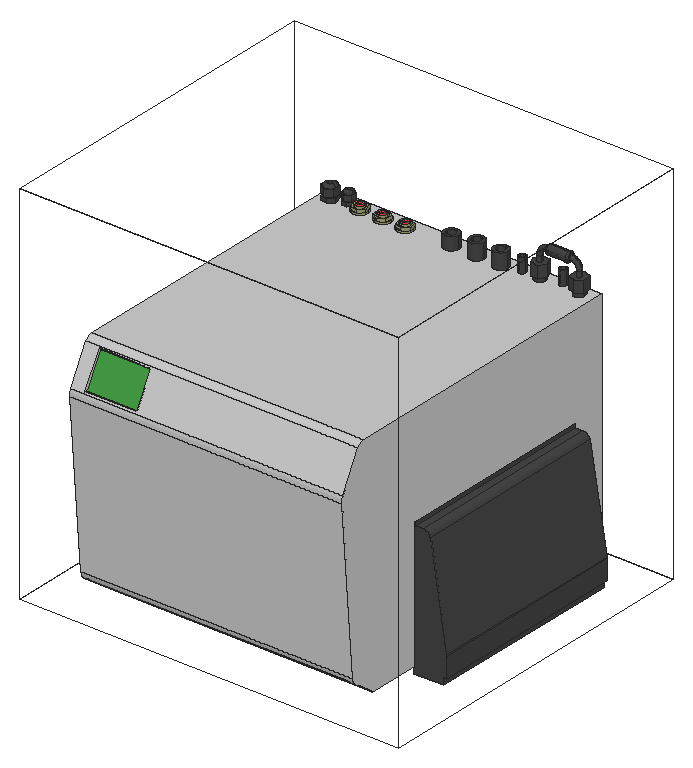
Revit family "BCS Base unit - 5253UK.RFA", category Mechanical Equipment, Revit 2015
Parameters (values of type "Boiling, chilled, sparkling and filtered - 5253UK Base unit")
  Wireless (WIFI) = "Yes"
  Weekly Maintenance (or SFG20 Codes) = ""
  Warranty ID = ""
  Classic HydroTap Clearance ( if fitted to font + ext ) = "222mm"
  Responsible Sourcing of Materials = ""
  Responsible Extraction of Materials = ""
  Quarterly Maintenance (or SFG20 Codes) = ""
  Overall Length = "470mm"
  WRAS Approved = "Yes"
  Power Supply (Voltage) = "230V (50~60Hz)"
  URL = "www.zipindustries.co.uk"
  Type Comments = "Water Boiler and Chiller (Potable)"
  Supply Phase = "1 Phase"
  Shape = "Rectangular"
  O&M Manual (Manufacturer O&M Data) = ""
  Monthly Maintenance (or SFG20 Codes) = ""
  Maximum Stored Water Temperature = "98°C"
  Material Ingredient Reporting = ""
  Maintenance Required 8001-12000hrs (Maintenance required in this time frame) = ""
  Maintenance Required 601-1000hrs (Maintenance tasks required in this time frame) = ""
  Maintenance Required 40001-8000hrs (Maintenance tasks required in this time frame) = ""
  Maintenance Required 301-600hrs (Maintenance Tasks required in this time frame) = ""
  Maintenance Required 2001-4000hrs (Maintenance tasks required in this time frame) = ""
  Maintenance Required 1001-2000hrs (Maintenance tasks required in this time frame) = ""
  Maintenance Required 0-300hrs (Maintenance Tasks required in this time frame) = ""
  Location of Manufacturer = "Australia"
  Life Cycle Analysis = ""
  Heat Up Time = ""
  Programmable Safety Features = "Yes"
  Programmable Function Parameters = "Yes"
  Product Range = "Floor Mounted"
  Overall Width = "336mm"
  Overall Height = "335mm"
  Type = "Vented / Non-vented (depending on pipe work arrangement)"
  Net Weight = "39.0 kg"
  Internal Filter (if fitted) = "Yes"
  Gross Weight (When Full) = ""
  Green Guide for Specification = ""
  Model = "5253UK"
  Standby Power Loss (idle mode) = ""
  Nominal Flow Rate (Boiling) = ""
  Volume Dispensed per hour = ""
  Expected Life = ""
  Environmental Product Declaration = ""
  Energy Technology List = ""
  Embodied Carbon = ""
  Daily Maintenance (or SFG20 Codes) = ""
  Cable Length and size (If Fitted) = "3.0m"
  Single Instance Draw off Volume = ""
  Recovery Volume per Minute = ""
  Mains Water Connection = "1/2\" BSP"
  Manufacturer = "Zip Industries(UK) Ltd"
  Keynote = ""
  Mains Water Pressure _ Minimum = "0.17 MPa (1.7 bar)"
  Mains Water Pressure _ Maximum = "0.7 MPa (7 bar)"
  Mains Pressure Limiting Valve = "not included"
  Enclosure Rating = "N/A"
  Button Interface = "no"
  Bespoke Timeframe Maintenance (or SFG20 Codes) = ""
  Base Unit Finish = "white Enamel"
  Backflow Prevention Valve = "Not Included"
  Tank Construction Material = "Stainless steel"
  Insulation Material = "High Density PE"
  Power Rating = "2.3A"
  Capacity = "26.7 Litres"
  Features = ""
  Description = ""
  Control Thermostat Range = ""
  BMS Links = "No"
  Assembly Code = ""
  Unit Access Clearance right = "50mm"
  Unit Access Clearance Top = "200mm"
  Unit Access Clearance Rear = "N/A"
  Unit Access Clearance Left = "50mm"
  Unit Access Clearance Front = "N/A"
  Unit Access Clearance Bottom = "N/A"
  Annually Maintenance (or SFG20 Codes) = ""
  6 Monthly Maintenance (or SFG20 Codes) = ""
Reference planes
  plane 1 "Center (Front/Back)": y = 0
  plane 2: z = 0
  plane 3 "Center (Left/Right)": x = 0
  plane 4 "sa": y = 104.477
Forms (mm)
  Extrusion 1, solid, material "Base Unit"
    sketch origin (0, 0, 158.75) x (0, 1, 0) y (0, 0, 1)
      loop
        arc (-226.56, 176.233) -> (-232.568, 174.621) -> (-236.961, 170.217) r 12
        line (-236.961, 170.217) -> (-265.416, 120.76)
        arc (-265.416, 120.76) -> (-266.555, 115.812) -> (-266.647, 110.735) r 24.454
        line (-266.647, 110.735) -> (-246.263, -126.173)
        arc (-246.263, -126.173) -> (-243.661, -133.25) -> (-238.074, -138.315) r 15.795
        line (-238.074, -138.315) -> (-210.458, -158.767) -> (205.1, -158.767) -> (205.1, 176.233) -> (-226.56, 176.233)
    from -197.5 to 197.5
  Extrusion 2, solid, material "Function"
    sketch origin (-197.5, 0, 158.75) x (0, 0, 1) y (0, 1, 0)
      loop
        arc (158.25, -36.359) -> (153.857, -25.752) -> (143.25, -21.358) r 15
        line (143.25, -21.358) -> (-84.75, -21.358)
        arc (-84.75, -21.358) -> (-95.356, -25.752) -> (-99.75, -36.358) r 15
        line (-99.75, -36.358) -> (-99.75, -181.358)
        arc (-99.75, -181.358) -> (-95.356, -191.965) -> (-84.75, -196.358) r 15
        line (-84.75, -196.358) -> (143.248, -196.358)
        arc (143.248, -196.358) -> (153.855, -191.965) -> (158.248, -181.359) r 15
        line (158.248, -181.359) -> (158.25, -36.359)
      loop
        line (-26.25, -31.358) -> (-26.25, -100.858) -> (26.25, -100.858) -> (26.25, -31.358) -> (-26.25, -31.358)
      loop
        line (32.25, -31.358) -> (32.25, -100.858) -> (84.75, -100.858) -> (84.75, -31.358) -> (32.25, -31.358)
      loop
        arc (148.25, -36.358) -> (146.786, -32.823) -> (143.25, -31.358) r 5
        line (143.25, -31.358) -> (90.75, -31.358) -> (90.75, -100.858) -> (148.249, -100.858) -> (148.25, -36.358)
      loop
        line (-32.25, -31.358) -> (-84.75, -31.358)
        arc (-84.75, -31.358) -> (-88.285, -32.823) -> (-89.75, -36.358) r 5
        line (-89.75, -36.358) -> (-89.75, -100.858) -> (-32.25, -100.858) -> (-32.25, -31.358)
      loop
        line (148.249, -106.858) -> (90.75, -106.858) -> (90.75, -186.358) -> (143.248, -186.358)
        arc (143.248, -186.358) -> (146.784, -184.894) -> (148.248, -181.358) r 5
        line (148.248, -181.358) -> (148.249, -106.858)
      loop
        line (84.75, -106.858) -> (32.25, -106.858) -> (32.249, -186.358) -> (84.75, -186.358) -> (84.75, -106.858)
      loop
        line (26.25, -106.858) -> (-26.25, -106.858) -> (-26.25, -186.358) -> (26.249, -186.358) -> (26.25, -106.858)
      loop
        line (-32.25, -106.858) -> (-89.75, -106.858) -> (-89.75, -181.358)
        arc (-89.75, -181.358) -> (-88.285, -184.894) -> (-84.75, -186.358) r 5
        line (-84.75, -186.358) -> (-32.25, -186.358) -> (-32.25, -106.858)
    from 0 to 2
  Extrusion 3, solid, material "Function"
    sketch origin (0, 0, 158.75) x (1, 0, 0) y (0, 0, 1)
      loop
        line (197.5, 29.316) -> (197.5, -168.699) -> (240.5, -168.699) -> (240.5, -158.783) -> (245.487, -158.783) -> (245.487, -129.512)
        arc (245.487, -129.512) -> (245.47, -128.71) -> (245.375, -127.913) r 8.171
        line (245.375, -127.913) -> (220.954, 16.018)
        arc (220.954, 16.018) -> (217.529, 21.949) -> (211.094, 24.291) r 10.012
        line (211.094, 24.291) -> (199.481, 24.291) -> (199.481, 29.316) -> (197.5, 29.316)
    from -155.023 to 134.977
  Extrusion 4, solid, material "Function"
    sketch origin (0, 0, 158.75) x (1, 0, 0) y (0, 1, 0)
      loop
        circle (67.652, 185.056) r 6.5
      loop
        circle (67.652, 185.056) r 10.5
      loop
        circle (32.554, 185.056) r 6.5
      loop
        circle (32.627, 184.908) r 10.5
    from 176.269 to 198.117
  Extrusion 5, solid, material "Function"
    sketch origin (0, 0, 158.75) x (1, 0, 0) y (0, 1, 0)
      loop
        circle (94.509, 190.133) r 3.75
      loop
        circle (94.509, 190.133) r 5
      loop
        circle (149.107, 196.166) r 3.75
      loop
        circle (149.107, 196.166) r 5
    from 176.269 to 196.319
  Extrusion 6, solid, material "Function"
    sketch origin (0, 0, 158.75) x (1, 0, 0) y (0, 1, 0)
      loop
        circle (120.41, 189.986) r 8
      loop
        circle (177.583, 190.059) r 8
    from 176.269 to 182.255
  Extrusion 7, solid, material "Function"
    sketch origin (0, 0, 335.021) x (1, 0, 0) y (0, 1, 0)
      loop
        circle (-4.458, 185.129) r 6.5
      loop
        circle (-4.458, 185.129) r 10.5
    from 0 to 17.714
  Sweep 8, solid, material "Function"
    path origin (0, 190.059, 158.75) x (-1, 0, 0) y (0, 0, 1)
      loop
        line (-177.492, 199.269) -> (-177.492, 208.019)
        arc (-177.492, 208.019) -> (-174.236, 215.878) -> (-166.377, 219.133) r 11.115
        line (-166.377, 219.133) -> (-131.377, 219.133)
        arc (-131.377, 219.133) -> (-123.35, 215.808) -> (-120.024, 207.781) r 11.352
        line (-120.024, 207.781) -> (-120.024, 199.269)
    profile origin (177.492, 190.059, 362.394) x (1, 0, 0) y (0, 1, 0)
      loop
        circle (0, 0) r 3.311
  Revolve 9, solid, material "Function"
    sketch origin (0, 190.059, 158.75) x (-1, 0, 0) y (0, 0, 1)
      loop
        line (-164.5, 219.184) -> (-133.496, 219.184) -> (-133.496, 224.064)
        arc (-133.496, 224.064) -> (-134.054, 225.411) -> (-135.401, 225.969) r 1.905
        line (-135.401, 225.969) -> (-162.727, 225.969)
        arc (-162.727, 225.969) -> (-163.981, 225.449) -> (-164.5, 224.196) r 1.773
        line (-164.5, 224.196) -> (-164.5, 219.184)
      axis (-164.5, 219.184) -> (-133.496, 219.184)
    angle from 0 to 360
  Extrusion 10, solid, material "Function"
    sketch origin (0, 0, 335.021) x (1, 0, 0) y (0, 1, 0)
      loop
        line (109.017, 190.388) -> (114.421, 180.248) -> (125.904, 179.859) -> (131.983, 189.608) -> (126.579, 199.747) -> (115.096, 200.137) -> (109.017, 190.388)
      loop
        line (168.347, 183.053) -> (178.938, 178.599) -> (188.091, 185.544) -> (186.653, 196.943) -> (176.062, 201.397) -> (166.909, 194.452) -> (168.347, 183.053)
    from 6.001 to 22.998
  Extrusion 11, solid, material "Push fit 1"
    sketch origin (-0.044, 0, 335.021) x (1, 0, 0) y (0, 1, 0)
      loop
        circle (-137.543, 185.585) r 11.3
      loop
        circle (-104.063, 185.217) r 11.3
      loop
        circle (-71.54, 184.923) r 11.3
    from -0.038 to 1.997
  Extrusion 12, solid, material "Push fit 1"
    sketch origin (0, 0, 335.021) x (1, 0, 0) y (0, 1, 0)
      loop
        line (-148.224, 187.575) -> (-144.863, 177.133) -> (-134.139, 174.822) -> (-126.776, 182.954) -> (-130.137, 193.396) -> (-140.861, 195.707) -> (-148.224, 187.575)
      loop
        line (-114, 179.515) -> (-104.5, 174.03) -> (-95, 179.515) -> (-95, 190.484) -> (-104.5, 195.969) -> (-114, 190.484) -> (-114, 179.515)
      loop
        line (-81.895, 188.479) -> (-79.732, 177.724) -> (-69.338, 174.22) -> (-61.105, 181.469) -> (-63.268, 192.224) -> (-73.662, 195.729) -> (-81.895, 188.479)
    from 1.997 to 5.997
  Extrusion 13, solid, material "Push fit 1"
    sketch origin (0, 0, 335.021) x (1, 0, 0) y (0, 1, 0)
      loop
        circle (-137.469, 185.438) r 7
      loop
        circle (-104.726, 185.144) r 7
      loop
        circle (-71.54, 185.144) r 7
    from 5.997 to 8.057
  Extrusion 14, solid, material "Push Fit 2"
    sketch origin (0, 0, 335.021) x (1, 0, 0) y (0, 1, 0)
      loop
        circle (-137.469, 185.365) r 5
      loop
        circle (-104.579, 185.144) r 5
      loop
        circle (-71.688, 185.144) r 5
    from 8.057 to 9.779
  Extrusion 15, solid, material "Function"
    sketch origin (0, 0, 335.021) x (1, 0, 0) y (0, 1, 0)
      loop
        circle (-180.555, 185.107) r 8
      loop
        circle (-157.526, 190.187) r 5.612
    from 4.998 to 7
  Extrusion 16, solid, material "Function"
    sketch origin (0, 0, 335.021) x (1, 0, 0) y (0, 1, 0)
      loop
        line (-191.074, 187.695) -> (-188.121, 177.19) -> (-177.547, 174.495) -> (-169.926, 182.304) -> (-172.879, 192.809) -> (-183.453, 195.504) -> (-191.074, 187.695)
    from -0.038 to 4.997
  Extrusion 17, solid, material "Function"
    sketch origin (0, 0, 335.021) x (1, 0, 0) y (0, 1, 0)
      loop
        line (-161.304, 197.795) -> (-166.13, 190.673) -> (-162.376, 182.933) -> (-153.796, 182.315) -> (-148.97, 189.436) -> (-152.724, 197.176) -> (-161.304, 197.795)
    from -0.038 to 5
  Extrusion 18, solid, material "Function"
    sketch origin (0, 0, 335.021) x (1, 0, 0) y (0, 1, 0)
      loop
        line (-180.5, 195.91) -> (-189.95, 190.454) -> (-189.95, 179.542) -> (-180.5, 174.086) -> (-171.05, 179.542) -> (-171.05, 190.454) -> (-180.5, 195.91)
    from 7.001 to 17.999
  Revolve 19, solid, material "Function"
    sketch origin (33.268, 130.506, 158.75) x (-0.969011, 0.247019, 0) y (0, 0, 1)
      loop
        line (224.719, 197.34) -> (224.719, 194.271) -> (229.034, 194.271)
        arc (229.034, 194.271) -> (227.328, 196.44) -> (224.719, 197.34) r 4.888
      axis (220.622, 194.271) -> (220.622, 197.34)
    angle from 0 to 360
  Extrusion 20, solid, material "Function"
    sketch origin (0, 0, 335.021) x (1, 0, 0) y (0, 1, 0)
      loop
        line (-165, 194.355) -> (-165, 185.753) -> (-157.55, 181.451) -> (-150.1, 185.753) -> (-150.1, 194.355) -> (-157.55, 198.656) -> (-165, 194.355)
    from 7 to 14.499
  Revolve 21, solid, material "Function"
    sketch origin (12.819, 177.77, 158.75) x (-0.99741, 0.071921, 0) y (0, 0, 1)
      loop
        line (173.758, 195.232) -> (173.758, 190.771) -> (176.647, 190.771)
        arc (176.647, 190.771) -> (175.868, 193.432) -> (173.758, 195.232) r 4.852
      axis (170.811, 190.771) -> (170.811, 195.232)
    angle from 0 to 360
  Extrusion 22, void
    sketch origin (-115.408, 0, 158.75) x (0, 0, 1) y (0, -1, 0)
      loop
        line (169.428, 238.955) -> (123.158, 265.576) -> (123.158, 258.83) -> (165.146, 234.673) -> (169.428, 238.955)
    from -62.14 to 12.908
  Revolve 23, void
    sketch origin (0, 185.365, 158.75) x (-1, 0, 0) y (0, 0, 1)
      loop
        line (71.54, 182.269) -> (74.573, 182.269) -> (74.573, 186.05) -> (71.54, 186.05) -> (71.54, 182.269)
      axis (71.54, 182.269) -> (71.54, 186.05)
    angle from 0 to 360
  Revolve 24, void
    sketch origin (0, 185.365, 158.75) x (-1, 0, 0) y (0, 0, 1)
      loop
        line (104.5, 182.269) -> (107.5, 182.269) -> (107.5, 186.05) -> (104.5, 186.05) -> (104.5, 182.269)
      axis (104.5, 182.269) -> (104.5, 186.05)
    angle from 0 to 360
  Revolve 25, void
    sketch origin (0, 185.365, 158.75) x (-1, 0, 0) y (0, 0, 1)
      loop
        line (137.469, 182.269) -> (140.418, 182.269) -> (140.418, 186.332) -> (137.469, 186.332) -> (137.469, 182.269)
      axis (137.469, 182.269) -> (137.469, 186.332)
    angle from 0 to 360
  Extrusion 26, solid, material "Clearance Envelope"
    sketch origin (0, 0, 0) x (0, 1, 0) y (0, 0, 1)
      loop
        line (-294.9, -0.017) -> (205.1, -0.017) -> (205.1, 535) -> (-294.9, 535) -> (-294.9, -0.017)
    from -247.5 to 302.5
  Extrusion 27, solid, material "Screen"
    sketch origin (65.65, 0, 0) x (0, 0, -1) y (0, -1, 0)
      loop
        line (-325.548, 236.325) -> (-323.896, 234.673) -> (-281.908, 258.83) -> (-281.908, 261.433) -> (-325.548, 236.325)
    from 168.15 to 243.197
Cuts and joins
  Extrusion 22 cuts Extrusion 1
  Revolve 23 cuts Extrusion 12
  Revolve 23 cuts Extrusion 13
  Revolve 23, Revolve 24, Revolve 25 cuts Extrusion 14
Dimensions and locks
  radius of Sweep 8 sketch curve = 3.311 mm
  aligned and locked: level to plane 2
Connectors
  piping at (-4.458, 185.129, 352.735), diameter 12.6
    settings: on Extrusion 7, index 10, connector inside diameter 12.6 mm, connector length 0 mm, flow factor 0, pipe flow 0.0 L/s, pressure drop 0.0 Pa, fitting loss kfactor 0, connector angle 0.00°, fixture units 0, engagement length 0 mm, angle of deflection 0.00°, flow configuration 0, flow direction 1, fitting loss method 0, system type 20, joint type 0, gender type 0, connector reference index -1, connector utility 0, adjustable connector no, is connector primary yes, connector description ""
